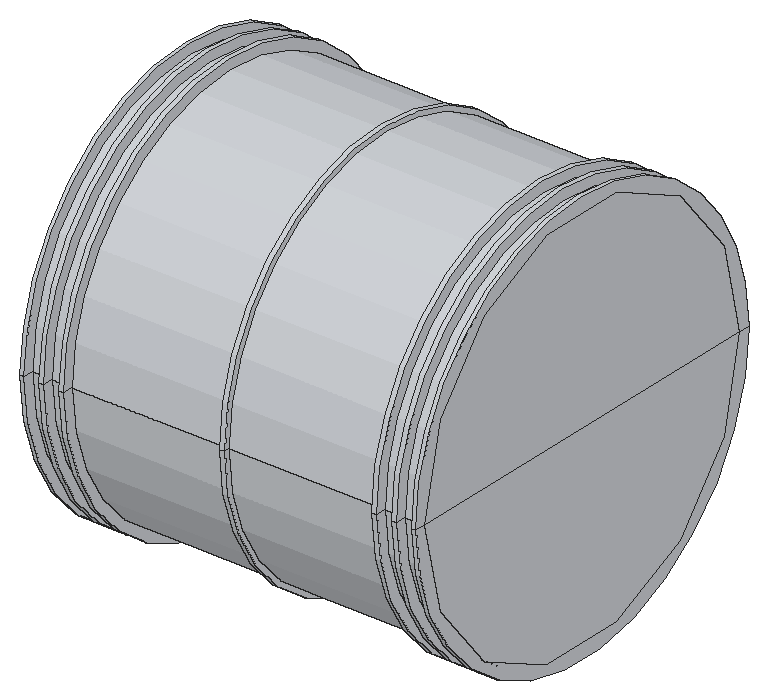
Revit family "Клапан постоянного расхода КПРП", category Арматура воздуховодов, Revit 2021
Family settings
  Размер круглого соединителя = Использовать диаметр
  Тип детали = Вставляется
  На основе рабочей плоскости = Нет
  Всегда вертикально = Да
  При загрузке вырезать с полостями = Нет
  Общий = Нет
Parameters (values of type "DN100")
  тип = 2
  расх [instance] = ADSK_Расход воздуха / 1 m³/h  # 123
  Скорость воздуха [instance] = ADSK_Расход воздуха / Площадь сечения  # 4.35024 m/s
  Ручка управления 315 [instance] = (ADSK_Размер_Диаметр > 255 mm)  # no
  Ручка управления [instance] = (ADSK_Размер_Диаметр < 255 mm)  # yes
  Разработал = ""
  Площадь сечения [instance] = pi() * ((ИНЖ_Диаметр 1 / 2) ^ 2)  # 0.00785398 m²
  Default Elevation = 0 mm
  Description = ""
  Масштаб УГО [instance] = 100
  Доп уго на 3д виде = yes
  URL = "https://veox.ru/produktsia"
  ADSK_Размер_Длина = Длина клапана  # 100 mm
  ADSK_Размер_Диаметр [instance] = ИНЖ_Диаметр 1  # 100 mm
  ADSK_Единица измерения = "шт"
  ADSK_Код изделия = ""
  ADSK_Обозначение = "VRC-N D100"
  ADSK_Материал = ANJ010013
  ADSK_Завод-изготовитель = "Veox"  # constant formula
  КМС = 1
  Изготовитель = [ADSK_Завод-изготовитель]  # "Veox"
  ADSK_Расход воздуха [instance] = 123 m³/h
  ADSK_Потеря давления воздуха [instance] = 0.0 Pa
  ИНЖ_Диаметр 1 = 100 mm
  Длина ручки [instance] = ИНЖ_Диаметр 1 / 2  # 50 mm
  Длина клапана = 100 mm
  Группа модели = "клапан круглый"
  d [instance] = ИНЖ_Диаметр 1 / 10 * 2  # 20 mm
  D01 [instance] = ИНЖ_Диаметр 1 - 10 mm  # 90 mm
  ADSK_Расход воздуха вытяжной [instance] = 30 m³/h
  ADSK_Наименование = "Клапан постоянного расхода воздуха пластиковый КПРП, D100"
  ADSK_Марка = "КПРП D100"
  ADSK_Владелец вида = ""
Types (2, lengths in mm): name | Скорость воздуха | Площадь сечения | URL | ADSK_Размер_Длина | ADSK_Размер_Диаметр | ИНЖ_Диаметр 1 | Длина ручки | Длина клапана | d | D01 | ADSK_Наименование | ADSK_Марка
  DN100 | 4.35024 m/s | 0.00785398 m² | "https://veox.ru/produktsia" | 100 | 100 | 100 | 50 | 100 | 20 | 90 | "Клапан постоянного расхода воздуха пластиковый КПРП, D100" | "КПРП D100"
  DN125 | 2.78415 m/s | 0.0122718 m² | "https://veox.ru/assets/template/files/Клапан_КПРП,%20шум_compressed.pdf" | 118 | 125 | 125 | 62.5 | 118 | 25 | 115 | "Клапан постоянного расхода воздуха пластиковый КПРП, D125" | "КПРП D25"
Reference planes
  plane 1 "По центру (Вперед/Назад)": y = 0
  plane 2: z = 0
  plane 3 "По центру (Влево/Вправо)": x = 0
  plane 4: x = -50
  plane 5: x = 50
  plane 6: x = -5
  plane 7: x = 5
  plane 8: x = -49
  plane 9: y = 50
  plane 10: y = -50
  plane 11: y = 48
  plane 12: y = -48
  plane 13: y = 52.566
  plane 14: y = 54.887
  plane 15: y = 54.887
  plane 16: y = 54.887
  plane 17: x = -40.163
  plane 18: x = -38.948
  plane 19: x = -45.238
  plane 20: x = -44.023
  plane 21: x = 40.163
  plane 22: x = 38.948
  plane 23: x = 45.238
  plane 24: x = 44.023
Forms (mm)
  Revolve 1, solid, detail levels medium+fine
    sketch origin (0, 0, 0) x (1, 0, 0) y (0, 1, 0)
      loop
        line (50, 0) -> (50, 50) -> (50, 52.566) -> (49, 52.566) -> (49, 50) -> (45.238, 50) -> (45.238, 52.566) -> (44.023, 52.566) -> (44.023, 50) -> (40.163, 50) -> (40.163, 52.566) -> (38.948, 52.566) -> (38.948, 50) -> (0.603, 50) -> (0.603, 51.3) -> (-0.612, 51.3) -> (-0.612, 50) -> (-38.948, 50) -> (-38.948, 52.566) -> (-40.163, 52.566) -> (-40.163, 50) -> (-44.023, 50) -> (-44.023, 52.566) -> (-45.238, 52.566) -> (-45.238, 50) -> (-49, 50) -> (-49, 52.566) -> (-50, 52.566) -> (-50, 50) -> (-50, 0) -> (50, 0)
      axis (50, 0) -> (-50, 0)
    angle from 0 to 360
Lines and regions (mm)
  symbolic lines, detail levels coarse
    curve 1: line (-50, 0, 0) -> (50, 0, 0)
    curve 2: line (-50, 0, -50) -> (-50, 0, 0)
    curve 3: line (50, 0, -50) -> (-50, 0, -50)
    curve 4: line (50, 0, 50) -> (50, 0, -50)
    curve 5: line (-50, 0, -50) -> (50, 0, 50)
    curve 6: circle (0, 0, 0) r 10 normal (0, -1, 0)
  reference lines
    curve 7: line (-50, 0, 0) -> (50, 0, 0)
Dimensions and locks
  equal spacing: plane 5, plane 3 "По центру (Влево/Вправо)", plane 4
  "Длина клапана": plane 5 to plane 4
  equal spacing: plane 6, plane 3 "По центру (Влево/Вправо)", plane 7
  plane 6 to plane 3 "По центру (Влево/Вправо)" = 5 mm
  plane 4 to plane 8 = 1 mm  (x2)
  locked: plane 9 to plane 11 at 2
  locked: plane 12 to plane 10 at 2
  equal spacing: plane 9, plane 1 "По центру (Вперед/Назад)", plane 10
  "ИНЖ_Диаметр 1": plane 9 to plane 10
  plane 3 "По центру (Влево/Вправо)" to plane 5 = 50 mm
  plane 1 "По центру (Вперед/Назад)" to plane 11 = 48 mm
  locked: plane 13 to plane 9 at 2.566
  locked: plane 14 to plane 13 at 2.32
  plane 4 to plane 5 = 100 mm
  "d": diameter of curve 6
  aligned and locked: level to plane 2
  aligned and locked: plane 4 to curve 2
  aligned and locked: plane 5 to curve 4
  aligned and locked: plane 3 "По центру (Влево/Вправо)" to nested 1
  aligned and locked: plane 8 to Revolve 1 sketch curve
  aligned and locked: plane 3 "По центру (Влево/Вправо)" to nested 2
  aligned and locked: plane 3 "По центру (Влево/Вправо)" to nested 3
  aligned and locked: nested 3 to plane 1 "По центру (Вперед/Назад)"
  aligned and locked: plane 1 "По центру (Вперед/Назад)" to nested 2
Automatic sketch dimensions
  plane 1 "По центру (Вперед/Назад)" to curve 7 = 0 mm
  curve 7 to plane 4 = 0 mm
  curve 7 to plane 5 = 0 mm
  plane 1 "По центру (Вперед/Назад)" to Revolve 1 sketch curve = 0 mm  (x2)
  Revolve 1 sketch curve to plane 4 = 0 mm
  Revolve 1 sketch curve to plane 9 = 0 mm  (x8)
  Revolve 1 sketch curve to plane 19 = 0 mm
  Revolve 1 sketch curve to plane 20 = 0 mm
  Revolve 1 sketch curve to plane 17 = 0 mm
  Revolve 1 sketch curve to plane 13 = 0 mm  (x6)
  Revolve 1 sketch curve to plane 18 = 0 mm
  Revolve 1 sketch curve to plane 22 = 0 mm
  Revolve 1 sketch curve to plane 21 = 0 mm
  Revolve 1 sketch curve to plane 24 = 0 mm
  Revolve 1 sketch curve to plane 23 = 0 mm
  Revolve 1 sketch curve to plane 5 = 0 mm
  Revolve 1 sketch curve to plane 3 "По центру (Влево/Вправо)" = 0.612 mm
  plane 3 "По центру (Влево/Вправо)" to Revolve 1 sketch curve = 0.603 mm
  Revolve 1 sketch curve to Revolve 1 sketch curve = 1 mm
  Revolve 1 sketch curve to plane 13 = 1.267 mm
  Revolve 1 sketch curve to Revolve 1 sketch curve = 20 mm
  Revolve 1 sketch curve to Revolve 1 sketch curve = 22.752 mm
  curve 6 to level = 0 mm
  curve 6 to plane 3 "По центру (Влево/Вправо)" = 0 mm
  curve 1 to level = 0 mm
  curve 3 to level = 50 mm
  level to curve 5 = 50 mm
Nested families
  nested 1: "вставка" at (-50, 0, 0) x (1, 0, 0) z (0, 1, 0), D <- "ИНЖ_Диаметр 1", длина <- "Длина клапана", visible <- "Доп уго на 3д виде", type "корпус RDR_160", detail levels medium+fine
    with длина 100 mm, диаметр кольца нар 57 mm, диаметр вставки нар 33.333 mm, диаметр вставки внутр 23.333 mm, r2 До полого 64.5 mm, R0 50 mm, D3 внутр полый 90 mm, D2 полый 168 mm, D1 полый 108 mm, D01 90 mm, D 100 mm
  nested 2: "_УГО_Канальная вентиляция_Клапан_2D" at (0, 0, 0), Масштаб УГО <- "Масштаб УГО", Длина модели <- "ADSK_Размер_Длина", Ширина модели <- "ADSK_Размер_Диаметр", type "_УГО_Канальная вентиляция_Клапан_2D", detail levels coarse+medium
    with Ширина модели 100 mm, Масштаб УГО 100, Длина модели 100 mm, x 55 mm, d2 8.333 mm, d1 100 mm, L 100 mm, D 66.667 mm, B 100 mm
  nested 3: "_УГО_Канальная вентиляция_Клапан_3D" at (0, 0, 0) x (1, 0, 0) z (0, 0, -1), Масштаб УГО <- "Масштаб УГО", Длина модели <- "ADSK_Размер_Длина", Ширина модели <- "ADSK_Размер_Диаметр", type "Клапан универсальный воздушный", detail levels coarse
    with Ширина модели 100 mm, Масштаб УГО 100, Длина модели 100 mm, Диаметр 66.667 mm, x 55 mm, d3 100 mm, d2 8.333 mm, d1 68.667 mm, L 100 mm, B 100 mm
Connectors
  hvac at (-50, 0, 0), driven by "ИНЖ_Диаметр 1", driven by "ADSK_Расход воздуха", driven by "ADSK_Потеря давления воздуха"
    settings: on curve 7, index 1, duct flow 123 m³/h, flow factor 0, pres drop 0.0 Pa, loss coef 0, conn angle 0.00°, conn width 304.8 mm, conn height 304.8 mm, conn diameter 100 mm, duct sys type 29, conn prof type 0, flow config 0, flow direction 0, loss method 4, conn ref index 2, conn util no, is conn primary yes, conn desc ""
  hvac at (50, 0, 0), driven by "ИНЖ_Диаметр 1", driven by "КМС", driven by "ADSK_Расход воздуха"
    settings: on curve 7, index 2, duct flow 123 m³/h, flow factor 0, pres drop 0.0 Pa, loss coef 1, conn angle 0.00°, conn width 304.8 mm, conn height 304.8 mm, conn diameter 100 mm, duct sys type 29, conn prof type 0, flow config 0, flow direction 0, loss method 6, conn ref index 1, conn util no, is conn primary no, conn desc ""
Definition of nested family "вставка"
  Parameters (values of type "корпус RDR_160")
    длина [instance] = 250 mm
    диаметр кольца нар [instance] = R0 + 7 mm  # 164.5 mm
    диаметр вставки нар [instance] = D / 3  # 105 mm
    диаметр вставки внутр [instance] = D / 3 - 10 mm  # 95 mm
    Default Elevation = 0 mm
    Description = "разработал gladkovin@ya.ru"  # constant formula
    R0 [instance] = D / 2  # 157.5 mm
    Polantis code = "ANJ010013 RDR_160"
    D3 внутр полый [instance] = D - 10 mm  # 305 mm
    D2 полый [instance] = D1 полый + 60 mm  # 383 mm
    r2 До полого [instance] = (D2 полый + D3 внутр полый) / 2 / 2  # 172 mm
    D1 полый [instance] = D + 8 mm  # 323 mm
    D01 [instance] = D - 10 mm  # 305 mm
    D [instance] = 315 mm
    ANJ010013 RDR_160 = none
  Reference planes
    plane 1 "Center (Front/Back)": y = 0
    plane 2: z = 0
    plane 3 "Center (Left/Right)": x = 0
    plane 4: x = 250
    plane 5: x = 62.5
    plane 6: x = 125
    plane 7: y = 41.5
    plane 8: y = -41.5
    plane 9: z = 164.5
    plane 10: z = -164.5
  Forms (mm)
    Extrusion 1, solid, material <- "ANJ010013 RDR_160"
      sketch origin (0, -185, -62.5) x (0, 1, 0) y (-1, 0, 0)
        loop
          arc (196.826, -116.251) -> (185.66, -105.085) -> (174.495, -116.251) r 11.166
          line (174.495, -116.251) -> (179.743, -145.096)
          arc (179.743, -145.096) -> (185.66, -151.013) -> (191.578, -145.096) r 5.917
          line (191.578, -145.096) -> (196.826, -116.251)
        loop
          circle (185.66, -145.096) r 2.129
        loop
          arc (189.485, -114.77) -> (189.762, -116.264) -> (189.475, -117.757) r 4.102
          line (189.475, -117.757) -> (191.836, -118.689) -> (191.836, -113.859) -> (189.485, -114.77)
        loop
          line (182.353, -114.77) -> (180.002, -113.859) -> (180.002, -118.689) -> (182.363, -117.757)
          arc (182.363, -117.757) -> (182.076, -116.264) -> (182.353, -114.77) r 4.102
        loop
          arc (184.179, -112.943) -> (185.674, -112.666) -> (187.167, -112.953) r 4.102
          line (187.167, -112.953) -> (188.099, -110.592) -> (183.269, -110.592) -> (184.179, -112.943)
      from 62.5 to 227
    Extrusion 2, void
      sketch origin (0, 0, 0) x (0, 1, 0) y (0, 0, 1)
        loop
          circle (0, 0) r 161.5
        loop
          circle (0, 0) r 191.5
      from 0 to 250
    Extrusion 3, void
      sketch origin (0, 0, 0) x (0, 1, 0) y (0, 0, 1)
        loop
          circle (0, 0) r 157.5
      from 0 to 250
  Cuts and joins
    Extrusion 2, Extrusion 3 cuts Extrusion 1
  Lines and regions (mm)
    reference lines
      curve 1: circle (0, 0, 0) r 157.5 normal (1, 0, 0)
  Dimensions and locks
    "длина": plane 4 to plane 3 "Center (Left/Right)"
    equal spacing: plane 4, plane 6, plane 3 "Center (Left/Right)"
    equal spacing: plane 6, plane 5, plane 3 "Center (Left/Right)"
    equal spacing: plane 7, plane 1 "Center (Front/Back)", plane 8
    plane 7 to plane 1 "Center (Front/Back)" = 41.5 mm
    equal spacing: plane 9, level, plane 10
    plane 9 to plane 10 = 329 mm
    plane 9 to level = 164.5 mm
    "диаметр кольца нар": plane 9 to level
    "D": diameter of curve 1
    "D1 полый": diameter of Extrusion 2 sketch curve
    "D2 полый": diameter of Extrusion 2 sketch curve
    radius of Extrusion 2 sketch curve = 161.5 mm
    "D": diameter of Extrusion 3 sketch curve
    aligned and locked: plane 9 to Extrusion 1
    aligned and locked: Extrusion 2 to plane 3 "Center (Left/Right)"
    aligned and locked: Extrusion 3 to plane 3 "Center (Left/Right)"
    aligned and locked: plane 4 to Extrusion 2
    aligned and locked: Extrusion 2 to curve 1
    aligned and locked: plane 4 to Extrusion 3
    aligned and locked: Extrusion 1 to level
  Automatic sketch dimensions
    Extrusion 1 sketch curve to Extrusion 1 sketch curve = 0 mm  (x7)
    plane 1 "Center (Front/Back)" to Extrusion 1 sketch curve = 10.505 mm
    plane 1 "Center (Front/Back)" to Extrusion 1 sketch curve = 5.257 mm
    plane 1 "Center (Front/Back)" to Extrusion 1 sketch curve = 4.998 mm
    Extrusion 1 sketch curve to Extrusion 1 sketch curve = 2.351 mm  (x3)
    Extrusion 1 sketch curve to Extrusion 1 sketch curve = 2.361 mm
    plane 1 "Center (Front/Back)" to Extrusion 1 sketch curve = 1.731 mm
    plane 1 "Center (Front/Back)" to Extrusion 1 sketch curve = 0.821 mm
    Extrusion 1 sketch curve to plane 1 "Center (Front/Back)" = 0.66 mm  (x2)
    Extrusion 1 sketch curve to Extrusion 1 sketch curve = 0.517 mm
    Extrusion 1 sketch curve to plane 1 "Center (Front/Back)" = 2.167 mm
    Extrusion 1 sketch curve to Extrusion 1 sketch curve = 0.932 mm  (x3)
    Extrusion 1 sketch curve to Extrusion 1 sketch curve = 3.298 mm
    Extrusion 1 sketch curve to Extrusion 1 sketch curve = 2.318 mm
    plane 6 to Extrusion 1 sketch curve = 20.096 mm
    Extrusion 1 sketch curve to plane 6 = 6.311 mm
    Extrusion 1 sketch curve to Extrusion 1 sketch curve = 0.989 mm
    Extrusion 1 sketch curve to Extrusion 1 sketch curve = 2.439 mm
    Extrusion 1 sketch curve to Extrusion 1 sketch curve = 0.91 mm  (x2)
    Extrusion 1 sketch curve to Extrusion 1 sketch curve = 1.817 mm
    curve 1 to level = 0 mm
    curve 1 to plane 1 "Center (Front/Back)" = 0 mm
    Extrusion 2 sketch curve to Extrusion 2 sketch curve = 0 mm  (x2)
    Extrusion 2 sketch curve to level = 0 mm
    Extrusion 2 sketch curve to plane 1 "Center (Front/Back)" = 0 mm
    Extrusion 3 sketch curve to level = 0 mm
    Extrusion 3 sketch curve to plane 1 "Center (Front/Back)" = 0 mm
    radius of Extrusion 1 sketch curve = 2.129 mm
Definition of nested family "_УГО_Канальная вентиляция_Клапан_3D"
  Parameters (values of type "Клапан универсальный воздушный")
    Ширина модели [instance] = 150 mm
    Default Elevation = 1219.2 mm
    Масштаб УГО [instance] = 100
    Диаметр [instance] = L / 6 * 4  # 66.667 mm
    Длина модели [instance] = 100 mm
    x [instance] = if(Масштаб УГО < 100, Длина модели / 2 + 5 mm, L / 2 + 5 mm)  # 55 mm
    d3 [instance] = Диаметр * 1.5  # 100 mm
    d2 [instance] = Диаметр / 8  # 8.333 mm
    d1 [instance] = Диаметр + 2 mm  # 68.667 mm
    L [instance] = Длина модели * Масштаб УГО / 100  # 100 mm
    B [instance] = Ширина модели * Масштаб УГО / 100  # 150 mm
  Reference planes
    plane 1 "По центру (Вперед/Назад)": y = 0
    plane 2: z = 0
    plane 3 "По центру (Влево/Вправо)": x = 0
    plane 4: x = -50
    plane 5: x = 50
    plane 6: y = 75
    plane 7: y = -75
    plane 8: x = -49
    plane 9: z = 0.5
    plane 10: z = -0.5
    plane 11: x = 55
    plane 12: x = -55
    plane 13: y = 74
    plane 14: y = -74
    plane 15: x = -49
    plane 16: x = 49
    plane 17 "dt": z = 0.5
  Forms (mm)
    Sweep 1, solid
      path origin (0, 0, 0) x (1, 0, 0) y (0, 1, 0)
        loop
          line (-50, 75) -> (-50, -75) -> (50, -75) -> (50, 75) -> (-50, 75)
      profile origin (-50, 0, 0) x (1, 0, 0) y (0, 0, 1)
        loop
          line (0, 0.5) -> (0, -0.5) -> (1, -0.5) -> (1, 0.5) -> (0, 0.5)
    Extrusion 2, solid
      sketch origin (0, 0, 0) x (1, 0, 0) y (0, 1, 0)
        loop
          line (-49, 74) -> (-49, -74) -> (49, -74) -> (49, 74) -> (-49, 74)
      from -0.4 to 0.4
  Lines and regions (mm)
    model lines
      curve 1: line (50, 0, 0) -> (55, 0, 0)
      curve 2: line (-55, 0, 0) -> (-50, 0, 0)
      curve 3: line (50, 45, 0.5) -> (-50, 12.508, 0.5)
      curve 4: line (50, -45, 0.5) -> (-50, -12.508, 0.5)
      curve 5: line (-5.429, 7.559, 0.5) -> (14.571, 7.559, 0.5)
      curve 6: line (-5.429, -7.559, 0.5) -> (14.571, -7.559, 0.5)
      curve 7: line (-1.967, 10.869, 0.5) -> (12.677, -13.502, 0.5)
  Dimensions and locks
    equal spacing: plane 4, plane 3 "По центру (Влево/Вправо)", plane 5
    "L": plane 4 to plane 5
    equal spacing: plane 7, plane 1 "По центру (Вперед/Назад)", plane 6
    "B": plane 7 to plane 6
    locked: plane 8 to plane 4 at 1
    locked: plane 9 to plane 2 at 0.5
    locked: plane 10 to plane 2 at 0.5
    "x": plane 3 "По центру (Влево/Вправо)" to plane 11
    "x": plane 12 to plane 3 "По центру (Влево/Вправо)"
    plane 4 to plane 15 = 1 mm
    plane 16 to plane 5 = 1 mm
    plane 7 to plane 14 = 1 mm
    plane 6 to plane 13 = 1 mm
    aligned and locked: level to plane 2
    aligned and locked: Sweep 1 sketch curve to plane 4
    aligned and locked: Sweep 1 sketch curve to plane 6
    aligned and locked: Sweep 1 sketch curve to plane 5
    aligned and locked: plane 7 to Sweep 1 sketch curve
    aligned and locked: plane 9 to Sweep 1 sketch curve
    aligned and locked: plane 10 to Sweep 1 sketch curve
    aligned and locked: profile plane to Sweep 1 sketch curve
    aligned and locked: Sweep 1 sketch curve to plane 8
    aligned and locked: plane 11 to curve 1
    aligned and locked: plane 5 to curve 1
    aligned and locked: plane 1 "По центру (Вперед/Назад)" to curve 1
    aligned and locked: plane 4 to curve 2
    aligned and locked: plane 12 to curve 2
    aligned and locked: plane 1 "По центру (Вперед/Назад)" to curve 2
    aligned and locked: Extrusion 2 sketch curve to plane 13
    aligned and locked: Extrusion 2 sketch curve to plane 15
    aligned and locked: Extrusion 2 sketch curve to plane 16
    aligned and locked: Extrusion 2 sketch curve to plane 14
  Automatic sketch dimensions
    curve 3 to plane 5 = 0 mm
    curve 3 to plane 4 = 0 mm
    curve 4 to plane 4 = 0 mm
    curve 4 to plane 5 = 0 mm
    curve 3 to plane 6 = 30 mm
    curve 3 to plane 1 "По центру (Вперед/Назад)" = 12.508 mm
    curve 7 to plane 3 "По центру (Влево/Вправо)" = 1.967 mm
    curve 7 to plane 1 "По центру (Вперед/Назад)" = 10.869 mm
    curve 5 to plane 1 "По центру (Вперед/Назад)" = 7.559 mm
    plane 1 "По центру (Вперед/Назад)" to curve 6 = 7.559 mm
    plane 1 "По центру (Вперед/Назад)" to curve 4 = 12.508 mm
    curve 6 to curve 7 = 5.943 mm
    curve 4 to plane 7 = 30 mm
    curve 5 to curve 7 = 3.463 mm
    curve 6 to plane 3 "По центру (Влево/Вправо)" = 5.429 mm
    plane 3 "По центру (Влево/Вправо)" to curve 7 = 12.677 mm
    plane 3 "По центру (Влево/Вправо)" to curve 5 = 14.571 mm
    curve 7 to curve 6 = 1.894 mm
Definition of nested family "_УГО_Канальная вентиляция_Клапан_2D"
  Parameters (values of type "_УГО_Канальная вентиляция_Клапан_2D")
    Ширина модели [instance] = 150 mm
    Масштаб УГО [instance] = 80
    Длина модели [instance] = 100 mm
    x [instance] = if(Масштаб УГО < 100, Длина модели / 2 + 5 mm, L / 2 + 5 mm)  # 55 mm
    d2 [instance] = D / 8  # 6.667 mm
    d1 [instance] = D * 1.5  # 80 mm
    L [instance] = Длина модели * Масштаб УГО / 100  # 80 mm
    D [instance] = L / 6 * 4  # 53.333 mm
    B [instance] = Ширина модели * Масштаб УГО / 100  # 120 mm
  Reference planes
    plane 1 "По центру (Вперед/Назад)": y = 0
    plane 2: z = 0
    plane 3 "По центру (Влево/Вправо)": x = 0
    plane 4: x = 55
    plane 5: x = -55
    plane 6: x = -40
    plane 7: x = 40
    plane 8: y = 60
    plane 9: y = -60
    plane 10: y = 40.682
    plane 11: y = 75
    plane 12: y = -41
    plane 13: y = -75
  Lines and regions (mm)
    Masking region 1, in view "Опорный уровень", detail levels coarse+medium
      outline origin (0, 0, 0) x (1, 0, 0) y (0, 1, 0)
        loop
          line (-40, 60) -> (-40, -60) -> (40, -60) -> (40, 60) -> (-40, 60)
    detail lines, in view "Опорный уровень", detail levels coarse
      curve 1: line (40, 0, 0) -> (55, 0, 0)
      curve 2: line (-55, 0, 0) -> (-40, 0, 0)
    detail lines, in view "Опорный уровень"
      curve 3: line (40, 40.682, 0) -> (-40, 12.686, 0)
      curve 4: line (40, -41, 0) -> (-40, -13.004, 0)
      curve 5: line (-13.049, 6.255, 0) -> (19.593, 6.255, 0)
      curve 6: line (-13.049, -6.809, 0) -> (19.593, -6.809, 0)
      curve 7: line (11.742, 10.864, 0) -> (-3.828, -13.111, 0)
  Dimensions and locks
    equal spacing: plane 6, plane 3 "По центру (Влево/Вправо)", plane 7
    "L": plane 6 to plane 7
    equal spacing: plane 8, plane 1 "По центру (Вперед/Назад)", plane 9
    "B": plane 8 to plane 9
    "x": plane 3 "По центру (Влево/Вправо)" to plane 4
    "x": plane 5 to plane 3 "По центру (Влево/Вправо)"
    equal spacing: plane 13, plane 1 "По центру (Вперед/Назад)", plane 11
    "Ширина модели": plane 11 to plane 13
    locked: plane 11 to plane 10 at 34.318
    locked: plane 13 to plane 12 at 34
    aligned and locked: plane 4 to curve 1
    aligned and locked: plane 1 "По центру (Вперед/Назад)" to curve 1
    aligned and locked: plane 5 to curve 2
    aligned and locked: plane 1 "По центру (Вперед/Назад)" to curve 2
    aligned and locked: plane 6 to curve 2
    aligned and locked: plane 7 to curve 1
    aligned and locked: Masking region 1 sketch curve to plane 8
    aligned and locked: Masking region 1 sketch curve to plane 6
    aligned and locked: Masking region 1 sketch curve to plane 7
    aligned and locked: Masking region 1 sketch curve to plane 9
  Automatic sketch dimensions
    curve 3 to plane 6 = 0 mm
    curve 4 to plane 6 = 0 mm
    curve 3 to plane 7 = 0 mm
    curve 4 to plane 7 = 0 mm
    plane 12 to curve 4 = 0 mm
    curve 3 to plane 10 = 0 mm
    curve 5 to plane 1 "По центру (Вперед/Назад)" = 6.255 mm
    curve 5 to plane 3 "По центру (Влево/Вправо)" = 13.049 mm
    curve 6 to plane 3 "По центру (Влево/Вправо)" = 13.049 mm
    curve 7 to plane 3 "По центру (Влево/Вправо)" = 3.828 mm
    plane 3 "По центру (Влево/Вправо)" to curve 7 = 11.742 mm
    curve 7 to curve 5 = 7.851 mm
    curve 6 to curve 5 = 0 mm
    plane 1 "По центру (Вперед/Назад)" to curve 7 = 13.111 mm
    plane 1 "По центру (Вперед/Назад)" to curve 4 = 13.004 mm
    plane 1 "По центру (Вперед/Назад)" to curve 6 = 6.809 mm
    curve 5 to curve 7 = 4.609 mm
    curve 3 to plane 1 "По центру (Вперед/Назад)" = 12.686 mm
